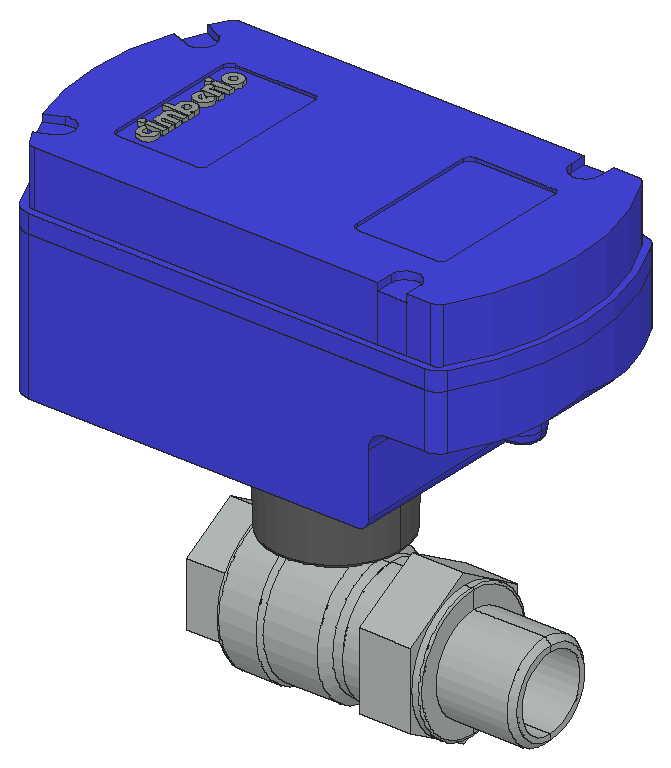
Revit family "QD29800000", category Apparecchi idraulici, Revit 2020
Family settings
  Quota connettore circolare = Usa diametro
  Tipo di parte = Normale
  Numero OmniClass = 23.45.00.00
  Titolo OmniClass = Sanitary, Laundry, and Cleaning Equipment
  Basato su piano di lavoro = No
  Sempre verticale = Sì
  Taglio con vuoti quando caricato = No
  Condiviso = No
  Punto di calcolo locali = No
Parameters
  URL = "https://web.cimberio.it/index.php/figura/580?subcategoria_id=74926"
  Temperatura di esercizio = "-20 ÷ 150°C"
  Prospetto di default = 0 mm
  Produttore = "CIMBERIO SPA"
  Pressione nominale = "PN 25"
  Modello = "Cim 603RE"
  Materiale = "Prodotto in lega di ottone conforme alla norma EN 12165-CW617N-DW"
  Descrizione = "Utilizzato nei più svariati settori dell'impiantistica: impianti di riscaldamento, condizionamento, idrici, igienico-sanitari, aria compressa e in generale con ogni fluido non corrosivo.\r\nParticolarmente indicato come valvola di zona per la regolazione e contabilizzazione di impianti di riscaldamento singoli o a zone, impianti con utilizzazione di energie alternative, impianti con fluidi caldi o freddi e impianti di automazione in genere."
  DN Model [instance] = QD29801020 : QD29801020
  DN [instance] = 20 mm
  Commenti sul tipo = "Realizzato in ottemperanza ai requisiti gestionali della norma EN ISO 9001.\r\nCollaudato al 100% secondo la normativa EN 12266-1"
Reference planes
  plane 1 "Centro (Fronte/Retro)": y = 0
  plane 2: z = 0
  plane 3 "Centro (Sinistra/Destra)": x = 0
Dimensions and locks
  aligned and locked: level to plane 2
Nested families
  nested 1: "QD29801020" at (0, 0, 0), type <- "DN Model", type "QD29801020"
  nested 2: "QD29801020" at (0, 0, 0), type <- "DN Model", type "QD29801020"
  nested 3: "QD29801020" at (0, 0, 0), type <- "DN Model", type "QD29801020"
Connectors
  piping at (58.329, 0, 0), diameter 20, driven by "DN"
    settings: on nested 1, index 1, connector inside diameter 609.6 mm, connector length 0 mm, flow factor 0, pipe flow 0.0 L/s, pressure drop 0.0 Pa, fitting loss kfactor 0, connector angle 0.00°, fixture units 0, engagement length 0 mm, angle of deflection 0.00°, flow configuration 0, flow direction 0, fitting loss method 0, system type 7, joint type 0, gender type 0, connector reference index -1, connector utility 0, adjustable connector no, is connector primary yes, connector description ""
  piping at (-28.6, 0, 0), diameter 20, driven by "DN"
    settings: on nested 1, index 2, connector inside diameter 609.6 mm, connector length 0 mm, flow factor 0, pipe flow 0.0 L/s, pressure drop 0.0 Pa, fitting loss kfactor 0, connector angle 0.00°, fixture units 0, engagement length 0 mm, angle of deflection 0.00°, flow configuration 0, flow direction 0, fitting loss method 0, system type 7, joint type 0, gender type 0, connector reference index -1, connector utility 0, adjustable connector no, is connector primary no, connector description ""
Definition of nested family "QD29801020"
  Parameters (values of type "QD29801020")
    URL = "https://web.cimberio.it/index.php/figura/394?subcategoria_id="
    Temperatura di esercizio = "-10 ÷ 95°C"
    Default Elevation = 0 mm
    Manufacturer = "CIMBERIO SPA"
    Pressione nominale = "PN 16"
    Model = "Cim 32"
    Materiale = "Prodotto in lega di ottone conforme alla norma EN 12165-CW617N-DW"
    Description = "Impiegato nei più svariati settori dell'impiantistica in condutture anti-ritorno per: reti di distribuzione acqua potabile, impianti di riscaldamento, condizionamento, igienico-sanitari e in generale con ogni fluido non corrosivo."
    DN [instance] = 50 mm
    Type Comments = "Realizzato in ottemperanza ai requisiti gestionali della norma EN ISO 9001.\r\nCollaudato al 100% secondo la normativa EN 12266-1"
  Reference planes
    plane 1 "Centro (Fronte/Retro)": y = 0
    plane 2: z = 0
    plane 3 "Centro (Sinistra/Destra)": x = 0
  Forms (mm)
    Revolve 1, solid
      sketch origin (0, 0, 0) x (1, 0, 0) y (0, 0, 1)
        loop
          line (15.05, -10) -> (-17.1, -10) -> (-17.1, -18.5)
          arc (-17.1, -18.5) -> (-16.807, -19.207) -> (-16.1, -19.5) r 1
          line (-16.1, -19.5) -> (-6, -19.5) -> (-5, -18.5) -> (9.75, -18.5) -> (12, -16.25) -> (15.05, -16.25) -> (15.05, -10)
        axis (-17.1, 0) -> (15.05, 0)
      angle from 0 to 360
    Extrusion 2, solid
      sketch origin (0, 0, 0) x (0, 1, 0) y (0, 0, 1)
        loop
          circle (0, 0) r 10
        loop
          line (0, 17.25) -> (-14.939, 8.625) -> (-14.939, -8.625) -> (0, -17.25) -> (14.939, -8.625) -> (14.939, 8.625) -> (0, 17.25)
      from -28.6 to -17.1
    Revolve 3, solid
      sketch origin (0, 0, 0) x (1, 0, 0) y (0, 0, 1)
        loop
          line (7.331, 37.805) -> (0, 37.805) -> (0, 13.864) -> (7.331, 13.864) -> (7.331, 37.805)
        axis (0, 37.805) -> (0, 13.864)
      angle from 0 to 360
    Extrusion 4, solid
      sketch origin (0, 0, 0) x (1, 0, 0) y (0, 0, 1)
        loop
          line (-11.431, 34.091) -> (-11.431, 13.864) -> (-6.253, 13.864) -> (-6.253, 34.091) -> (-11.431, 34.091)
      from -0.812 to 0.713
    Revolve 5, solid
      sketch origin (0, 0, -3.5) x (1, 0, 0) y (0, 0, 1)
        loop
          line (0, 51.8) -> (0, 36.671) -> (3.652, 36.671) -> (3.652, 23.3) -> (16.983, 23.3)
          arc (16.983, 23.3) -> (17.427, 23.419) -> (17.69, 23.796) r 0.672
          line (17.69, 23.796) -> (17.955, 46.8) -> (19, 46.8)
          arc (19, 46.8) -> (19.707, 47.093) -> (20, 47.8) r 1
          line (20, 47.8) -> (20, 51.8) -> (0, 51.8)
        axis (0, 51.8) -> (0, 23.3)
      angle from 0 to 360
    Extrusion 6, solid
      sketch origin (0, 0, -3.5) x (1, 0, 0) y (0, 1, 0)
        loop
          arc (-53.687, 37) -> (-56.156, 36.347) -> (-57.982, 34.56) r 5
          arc (-57.982, 34.56) -> (-67.5, 0) -> (-57.982, -34.56) r 67.5
          arc (-57.982, -34.56) -> (-56.156, -36.347) -> (-53.687, -37) r 5
          line (-53.687, -37) -> (53.687, -37)
          arc (53.687, -37) -> (56.156, -36.347) -> (57.982, -34.56) r 5
          arc (57.982, -34.56) -> (67.5, 0) -> (57.982, 34.56) r 67.5
          arc (57.982, 34.56) -> (56.156, 36.347) -> (53.687, 37) r 5
          line (53.687, 37) -> (-53.687, 37)
      from 51.8 to 91.8
    Extrusion 7, solid
      sketch origin (0, 0, 36.5) x (1, 0, 0) y (0, 1, 0)
        loop
          arc (-53.687, 37) -> (-56.156, 36.347) -> (-57.982, 34.56) r 5
          arc (-57.982, 34.56) -> (-67.5, 0) -> (-57.982, -34.56) r 67.5
          arc (-57.982, -34.56) -> (-56.156, -36.347) -> (-53.687, -37) r 5
          line (-53.687, -37) -> (53.687, -37)
          arc (53.687, -37) -> (56.156, -36.347) -> (57.982, -34.56) r 5
          arc (57.982, -34.56) -> (67.5, 0) -> (57.982, 34.56) r 67.5
          arc (57.982, 34.56) -> (56.156, 36.347) -> (53.687, 37) r 5
          line (53.687, 37) -> (-53.687, 37)
      from 51.8 to 56.8
    Extrusion 8, solid
      sketch origin (0, 0, -3.5) x (1, 0, 0) y (0, 1, 0)
        loop
          arc (-53.687, 35) -> (-55.168, 34.608) -> (-56.264, 33.536) r 3
          arc (-56.264, 33.536) -> (-57.395, 31.561) -> (-58.457, 29.547) r 65.5
          arc (-58.457, 29.547) -> (-60.152, 25.922) -> (-61.623, 22.2) r 65.5
          arc (-61.623, 22.2) -> (-65.5, 0) -> (-61.623, -22.2) r 65.5
          arc (-61.623, -22.2) -> (-60.152, -25.922) -> (-58.457, -29.547) r 65.5
          arc (-58.457, -29.547) -> (-57.395, -31.561) -> (-56.264, -33.536) r 65.5
          arc (-56.264, -33.536) -> (-55.168, -34.608) -> (-53.687, -35) r 3
          line (-53.687, -35) -> (39.293, -35) -> (47.293, -35) -> (53.687, -35)
          arc (53.687, -35) -> (55.168, -34.608) -> (56.264, -33.536) r 3
          arc (56.264, -33.536) -> (65.5, 0) -> (56.264, 33.536) r 65.5
          arc (56.264, 33.536) -> (55.168, 34.608) -> (53.687, 35) r 3
          line (53.687, 35) -> (47.293, 35) -> (39.293, 35) -> (-53.687, 35)
      from 96.8 to 111.8
    Extrusion 9, void
      sketch origin (0, 0, -3.5) x (1, 0, 0) y (0, 1, 0)
        loop
          arc (-57.295, 20.329) -> (-52.036, 22.412) -> (-54.12, 27.671) r 4
          line (-54.12, 27.671) -> (-59.289, 29.907) -> (-62.465, 22.564) -> (-57.295, 20.329)
        loop
          arc (-54.12, -27.671) -> (-52.036, -22.412) -> (-57.295, -20.329) r 4
          line (-57.295, -20.329) -> (-62.083, -22.399) -> (-58.908, -29.742) -> (-54.12, -27.671)
        loop
          arc (39.293, 30.5) -> (43.293, 26.5) -> (47.293, 30.5) r 4
          line (47.293, 30.5) -> (47.293, 35.946) -> (39.293, 35.946) -> (39.293, 30.5)
        loop
          line (39.293, -30.43) -> (39.293, -35) -> (47.293, -35) -> (47.293, -30.5)
          arc (47.293, -30.5) -> (43.293, -26.5) -> (39.293, -30.5) r 4
      from 109.8 to 117.274
    Extrusion 10, void
      sketch origin (0, 0, -3.5) x (1, 0, 0) y (0, 1, 0)
        loop
          line (-21.999, 20) -> (-43.001, 20)
          arc (-43.001, 20) -> (-44.415, 19.414) -> (-45, 18) r 2
          line (-45, 18) -> (-45, -18)
          arc (-45, -18) -> (-44.414, -19.415) -> (-42.999, -20) r 2
          line (-42.999, -20) -> (-21.999, -20)
          arc (-21.999, -20) -> (-20.585, -19.414) -> (-20, -18) r 2
          line (-20, -18) -> (-20, 18)
          arc (-20, 18) -> (-20.585, 19.414) -> (-21.999, 20) r 2
        loop
          arc (22.001, 20) -> (20.586, 19.415) -> (20, 18) r 2
          line (20, 18) -> (20, -18)
          arc (20, -18) -> (20.586, -19.415) -> (22.001, -20) r 2
          line (22.001, -20) -> (43.001, -20)
          arc (43.001, -20) -> (44.415, -19.414) -> (45, -18) r 2
          line (45, -18) -> (45, 18)
          arc (45, 18) -> (44.415, 19.414) -> (43.001, 20) r 2
          line (43.001, 20) -> (22.001, 20)
      from 111.039 to 121
    Extrusion 11, solid
      sketch origin (0, 0, 107.539) x (1, 0, 0) y (0, 1, 0)
        loop
          arc (-41.222, -13.089) -> (-39.283, -17.248) -> (-37.344, -13.089) r 2.531
          line (-37.344, -13.089) -> (-38.507, -14.066)
          arc (-38.507, -14.066) -> (-39.283, -15.729) -> (-40.058, -14.066) r 1.013
          line (-40.058, -14.066) -> (-41.222, -13.089)
        loop
          line (-36.751, -12.583) -> (-36.751, -11.064) -> (-41.814, -11.064) -> (-41.814, -12.583) -> (-36.751, -12.583)
        loop
          circle (-43.08, -11.824) r 0.861
        loop
          line (-36.751, -9.039) -> (-39.89, -9.039)
          arc (-39.89, -9.039) -> (-40.295, -8.634) -> (-39.89, -8.229) r 0.405
          line (-39.89, -8.229) -> (-36.751, -8.229) -> (-36.751, -6.711) -> (-39.89, -6.711)
          arc (-39.89, -6.711) -> (-40.295, -6.306) -> (-39.89, -5.901) r 0.405
          line (-39.89, -5.901) -> (-36.751, -5.901) -> (-36.751, -4.382) -> (-39.89, -4.382)
          arc (-39.89, -4.382) -> (-41.614, -5.451) -> (-41.422, -7.47) r 1.924
          arc (-41.422, -7.47) -> (-41.614, -9.489) -> (-39.89, -10.558) r 1.924
          line (-39.89, -10.558) -> (-36.751, -10.558) -> (-36.751, -9.039)
        loop
          line (-43.839, -3.876) -> (-36.751, -3.876) -> (-36.751, -2.357) -> (-37.544, -2.357) -> (-36.841, -2.013)
          arc (-36.841, -2.013) -> (-39.465, 1.18) -> (-41.603, -2.357) r 2.531
          line (-41.603, -2.357) -> (-43.839, -2.357) -> (-43.839, -3.876)
        loop
          circle (-39.283, -1.344) r 1.012
        loop
          arc (-41.013, 6.072) -> (-39.435, 1.698) -> (-37.344, 5.851) r 2.531
          line (-37.344, 5.851) -> (-38.507, 4.875)
          arc (-38.507, 4.875) -> (-38.282, 4.378) -> (-38.348, 3.836) r 1.013
          line (-38.348, 3.836) -> (-41.013, 6.072)
        loop
          line (-38.738, 3.371) -> (-40.218, 4.612)
          arc (-40.218, 4.612) -> (-39.934, 3.449) -> (-38.738, 3.371) r 1.013
        loop
          line (-36.751, 6.358) -> (-36.751, 7.876) -> (-40.426, 7.876)
          arc (-40.426, 7.876) -> (-41.131, 9.395) -> (-41.814, 7.867) r 0.92
          line (-41.814, 7.867) -> (-41.814, 6.358) -> (-36.751, 6.358)
        loop
          line (-36.751, 9.901) -> (-36.751, 11.42) -> (-41.814, 11.42) -> (-41.814, 9.901) -> (-36.751, 9.901)
        loop
          circle (-43.08, 10.661) r 0.861
        loop
          circle (-39.283, 14.458) r 2.531
        loop
          circle (-39.283, 14.458) r 1.012
      from 0 to 1
    Revolve 12, solid
      sketch origin (0, 0, 0) x (-1, 0, 0) y (0, 0, 1)
        loop
          line (-15.067, 16.575) -> (-20.899, 16.575) -> (-20.899, 10) -> (-15.067, 10) -> (-15.067, 16.575)
        axis (-20.899, 0) -> (-15.067, 0)
      angle from 0 to 360
    Extrusion 13, solid
      sketch origin (-2.121, 0, 0) x (0, 1, 0) y (0, 0, -1)
        loop
          circle (0, 0) r 10
        loop
          line (0, -20.75) -> (17.97, -10.375) -> (17.97, 10.375) -> (0, 20.75) -> (-17.97, 10.375) -> (-17.97, -10.375) -> (0, -20.75)
      from -36.95 to -23.021
    Revolve 14, solid
      sketch origin (-14.771, 0, 0) x (-1, 0, 0) y (0, 0, -1)
        loop
          line (-51.601, -18) -> (-49.6, -18) -> (-49.6, -10) -> (-52.1, -10) -> (-52.1, -17.499)
          arc (-52.1, -17.499) -> (-51.954, -17.853) -> (-51.601, -18) r 0.5
        axis (-52.1, 0) -> (-49.6, 0)
      angle from 0 to 360
    Revolve 15, solid
      sketch origin (-14.771, 0, 0) x (-1, 0, 0) y (0, 0, -1)
        loop
          line (-51.6, -12.9) -> (-51.6, -10) -> (-73.1, -10) -> (-73.1, -11.4) -> (-71.6, -12.9) -> (-51.6, -12.9)
        axis (-73.1, 0) -> (-51.6, 0)
      angle from 0 to 360
    Extrusion 16, void
      sketch origin (53.687, -37, -3.5) x (1, 0, 0) y (0, 0, -1)
        loop
          arc (10.861, -76.8) -> (12.982, -77.679) -> (13.861, -79.8) r 3
          line (13.861, -79.8) -> (18.861, -79.8) -> (18.861, -47.437) -> (-18.139, -47.437) -> (-18.139, -51.8)
          arc (-18.139, -51.8) -> (-16.018, -52.679) -> (-15.139, -54.8) r 3
          line (-15.139, -54.8) -> (-15.139, -71.8)
          arc (-15.139, -71.8) -> (-13.673, -75.338) -> (-10.133, -76.8) r 5
          line (-10.133, -76.8) -> (10.861, -76.8)
      from -27.232 to 98.451
    Revolve 17, solid
      sketch origin (53.687, 0, -3.5) x (-1, 0, 0) y (0, 0, -1)
        loop
          line (-2.306, -66.221) -> (-2.861, -76.8) -> (3.139, -76.8) -> (3.139, -63.8) -> (-1.381, -63.8)
          arc (-1.381, -63.8) -> (-1.763, -63.939) -> (-1.966, -64.291) r 0.594
          line (-1.966, -64.291) -> (-2.306, -66.221)
        axis (3.139, -63.8) -> (3.139, -76.8)
      angle from 0 to 360
  Cuts and joins
    Extrusion 9, Extrusion 16 cuts Extrusion 6
    Extrusion 9 cuts Extrusion 7
    Extrusion 9, Extrusion 10 cuts Extrusion 8
  Dimensions and locks
    aligned and locked: level to plane 2
